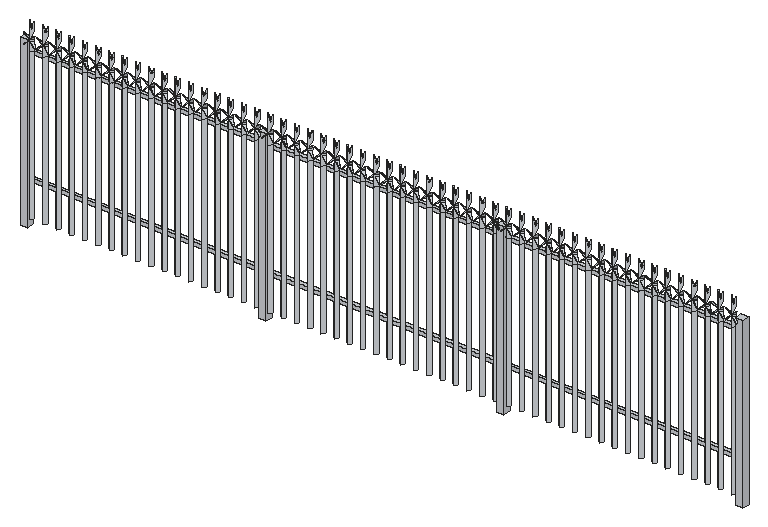
Revit family "Забор Теган-2700х2000", category Ограждение, Revit 2017
Family settings
  Номер OmniClass = 23.25.30.11.14.11
  Заголовок OmniClass = Columns
  Всегда вертикально = Да
  При загрузке вырезать с полостями = Нет
  Общий = Нет
Parameters (values of type "2700x2000")
  Производитель = "ООО \"Теган\""
  Левый_столб [instance] = yes
  Количество_секций [instance] = 3
  Глубина = 80 mm
  Ширина = 80 mm
Reference planes
  plane 1 "По центру (Вперед/Назад)": y = 0
  plane 2: z = 0
  plane 3 "По центру (Влево/Вправо)": x = 0
  plane 4 "Слева": x = -40
  plane 5 "Справа": x = 40
  plane 6 "Назад": y = 40
  plane 7 "Спереди": y = -40
Forms (mm)
  Extrusion 1, solid, visible <- "Левый_столб"
    sketch origin (0, 0, 0) x (1, 0, 0) y (0, 1, 0)
      loop
        line (-40, -40) -> (40, -40) -> (40, 40) -> (-40, 40) -> (-40, -40)
    from 0 to 1900
Dimensions and locks
  equal spacing: plane 4 "Слева", plane 3 "По центру (Влево/Вправо)", plane 5 "Справа"
  equal spacing: plane 7 "Спереди", plane 1 "По центру (Вперед/Назад)", plane 6 "Назад"
  "Ширина": plane 4 "Слева" to plane 5 "Справа"
  "Глубина": plane 7 "Спереди" to plane 6 "Назад"
  equal spacing: group 1, group 2, group 3  (x3)
  aligned and locked: level to plane 2
  aligned and locked: plane 7 "Спереди" to Extrusion 1 sketch curve
Automatic sketch dimensions
  Extrusion 1 sketch curve to plane 4 "Слева" = 0 mm
  Extrusion 1 sketch curve to plane 5 "Справа" = 0 mm
  plane 6 "Назад" to Extrusion 1 sketch curve = 0 mm
Nested families
  nested 1: "Секция Теган-2700х2000" at (0, 0, 0), type "2700x2000"
    with Правый_столб yes, Левый_столб no
  nested 2: "Секция Теган-2700х2000" at (2700, 0, 0), type "2700x2000"
    with Правый_столб yes, Левый_столб no
  nested 3: "Секция Теган-2700х2000" at (5400, 0, 0), type "2700x2000"
    with Правый_столб yes, Левый_столб no
Definition of nested family "Секция Теган-2700х2000"
  Parameters (values of type "2700x2000")
    Правый_столб [instance] = yes
    Отметка_перекладины = Длина_стоек - 200 mm  # 1800 mm
    Левый_столб [instance] = no
    Количество_стоек = (Длина секции - 75 mm) / 150 mm  # 18
    Зазор = 100 mm
    Длина секции = 2700 mm
    Длина поперечины = 2 * 40 mm - Длина секции  # -2620 mm
    Глубина = 80 mm
    Ширина = 80 mm
    Длина_стоек = 2000 mm
    Высота_столба = Длина_стоек - 100 mm  # 1900 mm
    Высота_забора = Длина_стоек + 100 mm  # 2100 mm
  Reference planes
    plane 1 "По центру (Вперед/Назад)": y = 0
    plane 2: z = 0
    plane 3 "По центру (Влево/Вправо)": x = 0
    plane 4 "Слева": x = -40
    plane 5 "Справа": x = 40
    plane 6 "Назад": y = 40
    plane 7 "Спереди": y = -40
    plane 8: x = 2700
    plane 9 "Поперечина нижняя": z = 500
    plane 10: z = 1800
    plane 11: x = 75
    plane 12: z = 100
  Forms (mm)
    Extrusion 1, solid, visible <- "Левый_столб"
      sketch origin (0, 0, 0) x (1, 0, 0) y (0, 1, 0)
        loop
          line (-40, -40) -> (40, -40) -> (40, 40) -> (-40, 40) -> (-40, -40)
      from 0 to 1900 <- "Высота_столба"
    Extrusion 2, solid
      sketch origin (40, 0, 0) x (0, -1, 0) y (0, 0, 1)
        loop
          line (-20, 500) -> (-20, 497.5) -> (17.5, 497.5) -> (17.5, 460) -> (20, 460) -> (20, 500) -> (-20, 500)
      from 0 to -2620 <- "Длина поперечины"
    Extrusion 3, solid
      sketch origin (40, 0, 800) x (0, -1, 0) y (0, 0, 1)
        loop
          line (-20, 1000) -> (-20, 997.5) -> (17.5, 997.5) -> (17.5, 960) -> (20, 960) -> (20, 1000) -> (-20, 1000)
      from 0 to -2620 <- "Длина поперечины"
  Dimensions and locks
    equal spacing: plane 4 "Слева", plane 3 "По центру (Влево/Вправо)", plane 5 "Справа"
    equal spacing: plane 7 "Спереди", plane 1 "По центру (Вперед/Назад)", plane 6 "Назад"
    "Ширина": plane 4 "Слева" to plane 5 "Справа"
    "Глубина": plane 7 "Спереди" to plane 6 "Назад"
    "Длина секции": plane 8 to plane 3 "По центру (Влево/Вправо)"
    plane 2 to plane 9 "Поперечина нижняя" = 500 mm
    "Отметка_перекладины": plane 10 to level
    "Зазор": plane 12 to level
    aligned and locked: level to plane 2
    aligned and locked: plane 7 "Спереди" to Extrusion 1 sketch curve
    aligned and locked: plane 8 to nested 1
  Automatic sketch dimensions
    Extrusion 1 sketch curve to plane 4 "Слева" = 0 mm
    Extrusion 1 sketch curve to plane 5 "Справа" = 0 mm
    plane 6 "Назад" to Extrusion 1 sketch curve = 0 mm
    Extrusion 2 sketch curve to plane 9 "Поперечина нижняя" = 0 mm
    Extrusion 2 sketch curve to plane 1 "По центру (Вперед/Назад)" = 20 mm
    plane 1 "По центру (Вперед/Назад)" to Extrusion 2 sketch curve = 17.5 mm
    Extrusion 2 sketch curve to Extrusion 2 sketch curve = 2.5 mm
    Extrusion 2 sketch curve to plane 9 "Поперечина нижняя" = 2.5 mm
    Extrusion 2 sketch curve to Extrusion 2 sketch curve = 37.5 mm
    Extrusion 3 sketch curve to plane 10 = 0 mm
    plane 1 "По центру (Вперед/Назад)" to Extrusion 3 sketch curve = 17.5 mm
    Extrusion 3 sketch curve to Extrusion 3 sketch curve = 2.5 mm
    Extrusion 3 sketch curve to Extrusion 3 sketch curve = 37.5 mm
    Extrusion 3 sketch curve to plane 10 = 2.5 mm
    Extrusion 3 sketch curve to plane 1 "По центру (Вперед/Назад)" = 20 mm
  Nested families
    nested 1: "Стойка забора" at (2700, 0, 0), visible <- "Правый_столб", type "Столб забора"
      with Высота_стоек 1900 mm
    nested 2: "Стойка вертикальная" at (75, -20, 0), type "Стойка вертикальная"
      with Длина- 1800 mm, Длина стойки вертикальной 2100 mm
    nested 3: "Стойка вертикальная" at (225, -20, 0), type "Стойка вертикальная"
      with Длина- 1800 mm, Длина стойки вертикальной 2100 mm
    nested 4: "Стойка вертикальная" at (375, -20, 0), type "Стойка вертикальная"
      with Длина- 1800 mm, Длина стойки вертикальной 2100 mm
    nested 5: "Стойка вертикальная" at (525, -20, 0), type "Стойка вертикальная"
      with Длина- 1800 mm, Длина стойки вертикальной 2100 mm
    nested 6: "Стойка вертикальная" at (675, -20, 0), type "Стойка вертикальная"
      with Длина- 1800 mm, Длина стойки вертикальной 2100 mm
    nested 7: "Стойка вертикальная" at (825, -20, 0), type "Стойка вертикальная"
      with Длина- 1800 mm, Длина стойки вертикальной 2100 mm
    nested 8: "Стойка вертикальная" at (975, -20, 0), type "Стойка вертикальная"
      with Длина- 1800 mm, Длина стойки вертикальной 2100 mm
    nested 9: "Стойка вертикальная" at (1125, -20, 0), type "Стойка вертикальная"
      with Длина- 1800 mm, Длина стойки вертикальной 2100 mm
    nested 10: "Стойка вертикальная" at (1275, -20, 0), type "Стойка вертикальная"
      with Длина- 1800 mm, Длина стойки вертикальной 2100 mm
    nested 11: "Стойка вертикальная" at (1425, -20, 0), type "Стойка вертикальная"
      with Длина- 1800 mm, Длина стойки вертикальной 2100 mm
    nested 12: "Стойка вертикальная" at (1575, -20, 0), type "Стойка вертикальная"
      with Длина- 1800 mm, Длина стойки вертикальной 2100 mm
    nested 13: "Стойка вертикальная" at (1725, -20, 0), type "Стойка вертикальная"
      with Длина- 1800 mm, Длина стойки вертикальной 2100 mm
    nested 14: "Стойка вертикальная" at (1875, -20, 0), type "Стойка вертикальная"
      with Длина- 1800 mm, Длина стойки вертикальной 2100 mm
    nested 15: "Стойка вертикальная" at (2025, -20, 0), type "Стойка вертикальная"
      with Длина- 1800 mm, Длина стойки вертикальной 2100 mm
    nested 16: "Стойка вертикальная" at (2175, -20, 0), type "Стойка вертикальная"
      with Длина- 1800 mm, Длина стойки вертикальной 2100 mm
    nested 17: "Стойка вертикальная" at (2325, -20, 0), type "Стойка вертикальная"
      with Длина- 1800 mm, Длина стойки вертикальной 2100 mm
    nested 18: "Стойка вертикальная" at (2475, -20, 0), type "Стойка вертикальная"
      with Длина- 1800 mm, Длина стойки вертикальной 2100 mm
    nested 19: "Стойка вертикальная" at (2625, -20, 0), type "Стойка вертикальная"
      with Длина- 1800 mm, Длина стойки вертикальной 2100 mm
  Definition of nested family "Стойка забора"
    Parameters (values of type "Стойка забора")
      Глубина = 80 mm
      Ширина = 80 mm
      Высота_стоек = 1800 mm
    Reference planes
      plane 1 "По центру (Вперед/Назад)": y = 0
      plane 2: z = 0
      plane 3 "По центру (Влево/Вправо)": x = 0
      plane 4 "Слева": x = -40
      plane 5 "Справа": x = 40
      plane 6 "Назад": y = 40
      plane 7 "Спереди": y = -40
    Forms (mm)
      Extrusion 1, solid
        sketch origin (0, 0, 0) x (1, 0, 0) y (0, 1, 0)
          loop
            line (-40, -40) -> (40, -40) -> (40, 40) -> (-40, 40) -> (-40, -40)
        from 0 to 1800 <- "Высота_стоек"
    Dimensions and locks
      equal spacing: plane 4 "Слева", plane 3 "По центру (Влево/Вправо)", plane 5 "Справа"
      equal spacing: plane 7 "Спереди", plane 1 "По центру (Вперед/Назад)", plane 6 "Назад"
      "Ширина": plane 4 "Слева" to plane 5 "Справа"
      "Глубина": plane 7 "Спереди" to plane 6 "Назад"
      aligned and locked: level to plane 2
      aligned and locked: plane 7 "Спереди" to Extrusion 1 sketch curve
    Automatic sketch dimensions
      Extrusion 1 sketch curve to plane 4 "Слева" = 0 mm
      plane 5 "Справа" to Extrusion 1 sketch curve = 0 mm
      plane 6 "Назад" to Extrusion 1 sketch curve = 0 mm
  Definition of nested family "Стойка вертикальная"
    Parameters (values of type "0,67 м")
      Длина- = Длина стойки вертикальной - 300 mm  # 370 mm
      Длина стойки вертикальной = 670 mm
    Types (5, lengths in mm): name | Длина- | Длина стойки вертикальной
      (no name) | 370 | 670
      2,0 м | 1700 | 2000
      2,5 м | 2200 | 2500
      3,0 м | 2700 | 3000
      0,67 м | 370 | 670
    Reference planes
      plane 1 "По центру (Вперед/Назад)": y = 0
      plane 2: z = 0
      plane 3 "По центру (Влево/Вправо)": x = 0
      plane 4: z = 370
    Forms (mm)
      Extrusion 1, solid
        sketch origin (-73.001, 0, 0) x (1, 0, 0) y (0, 1, 0)
          loop
            line (73.001, -25.456) -> (47.545, 0) -> (46.131, -1.414) -> (73.001, -28.284) -> (99.871, -1.414) -> (98.457, 0) -> (73.001, -25.456)
        from 0 to 370 <- "Длина-"
      Extrusion 2, solid, not visible
        sketch origin (1.999, 0, 0) x (1, 0, 0) y (0, 1, 0)
          loop
            line (73.001, -25.456) -> (47.545, 0) -> (46.131, -1.414) -> (73.001, -28.284) -> (73.001, -25.456)
        from 630 to 930
      Extrusion 3, void, not visible
        sketch origin (48.13, -1.414, 0) x (0.707107, -0.707107, 0) y (0, 0, 1)
          loop
            line (36, 755) -> (-4, 840.78) -> (-4, 755) -> (36, 755)
          loop
            line (0, 930) -> (18, 862.823) -> (36, 930) -> (0, 930)
          loop
            line (36, 739.666) -> (-4, 739.666) -> (-4, 653.886) -> (36, 739.666)
        from -4.106 to 6.753
      Extrusion 4, solid, not visible
        sketch origin (49.544, 0, 25) x (-0.707107, -0.707107, 0) y (0, 0, 1)
          loop
            line (0, 730) -> (1.385, 728.615) -> (54.418, 781.648) -> (53.033, 783.033) -> (0, 730)
        from -36 to 0
      Extrusion 5, void, not visible
        sketch origin (49.544, 0, 755) x (-0.5, -0.5, 0.707107) y (0.707107, -0.707107, 0)
          loop
            line (75, 0) -> (76.432, 43.261) -> (0, 36) -> (75, 0)
        from -6.189 to 1.489
      Extrusion 6, solid, not visible
        sketch origin (49.544, 0, 1469.666) x (-0.707107, -0.707107, 0) y (0, 0, 1)
          loop
            line (0, -730) -> (53.033, -783.033) -> (54.418, -781.648) -> (1.385, -728.615) -> (0, -730)
        from -36 to 0
      Extrusion 7, void, not visible
        sketch origin (49.544, 0, 739.666) x (-0.5, -0.5, -0.707107) y (-0.707107, 0.707107, 0)
          loop
            line (75, 0) -> (0, -36) -> (76.432, -43.261) -> (75, 0)
        from -6.189 to 1.489
      Extrusion 8, solid, not visible
        sketch origin (148.001, 0, 0) x (-1, 0, 0) y (0, -1, 0)
          loop
            line (73.001, 25.456) -> (73.001, 28.284) -> (46.131, 1.414) -> (47.545, 0) -> (73.001, 25.456)
        from 630 to 930
      Extrusion 9, void, not visible
        sketch origin (101.87, -1.414, 0) x (-0.707107, -0.707107, 0) y (0, 0, -1)
          loop
            line (0, -930) -> (36, -930) -> (18, -862.823) -> (0, -930)
          loop
            line (36, -755) -> (-4, -755) -> (-4, -840.78) -> (36, -755)
          loop
            line (0, -664.464) -> (0, -739.666) -> (35.067, -739.666) -> (0, -664.464)
        from -2 to 0
      Extrusion 10, solid, not visible
        sketch origin (100.456, 0, 25) x (0.707107, -0.707107, 0) y (0, 0, -1)
          loop
            line (0, -730) -> (53.033, -783.033) -> (54.418, -781.648) -> (1.385, -728.615) -> (0, -730)
        from -36 to 0
      Extrusion 11, void, not visible
        sketch origin (100.456, 0, 755) x (0.5, -0.5, 0.707107) y (0.707107, 0.707107, 0)
          loop
            line (75, 0) -> (0, -36) -> (76.432, -43.261) -> (75, 0)
        from -6.189 to 1.489
      Extrusion 12, solid, not visible
        sketch origin (100.456, 0, 1469.666) x (0.707107, -0.707107, 0) y (0, 0, -1)
          loop
            line (0, 730) -> (1.385, 728.615) -> (54.418, 781.648) -> (53.033, 783.033) -> (0, 730)
        from -36 to 0
      Extrusion 13, void, not visible
        sketch origin (100.456, 0, 739.666) x (0.5, -0.5, -0.707107) y (-0.707107, -0.707107, 0)
          loop
            line (75, 0) -> (76.432, 43.261) -> (0, 36) -> (75, 0)
        from -6.189 to 1.489
      Extrusion 14, solid
        sketch origin (26.87, -1.414, -260) x (-0.707107, -0.707107, 0) y (0, 0, -1)
          loop
            line (36, -930) -> (38, -930) -> (38, -630) -> (0, -630) -> (0, -664.464) -> (35.067, -739.666) -> (0, -739.666) -> (0, -755) -> (36, -755) -> (0, -832.202) -> (0, -930) -> (18, -862.823) -> (36, -930)
        from -2 to 0
      Extrusion 15, void
        sketch origin (26.87, -1.414, 670) x (0.707107, -0.707107, 0) y (-0.707107, -0.707107, 0)
          loop
            line (0, 38) -> (-2, 38) -> (-2, 36) -> (0, 38)
        from 0 to 300
      Extrusion 16, solid
        sketch origin (25.456, 0, 495) x (0.5, -0.5, 0.707107) y (0.707107, 0.707107, 0)
          loop
            line (75, 0) -> (0, 0) -> (0, -36) -> (75, 0)
        from -1.959 to 0
      Extrusion 17, solid
        sketch origin (25.456, 0, 479.666) x (0.5, -0.5, -0.707107) y (-0.707107, -0.707107, 0)
          loop
            line (75, 0) -> (0, 36) -> (0, 0) -> (75, 0)
        from -1.959 to 0
      Extrusion 18, solid
        sketch origin (-26.87, -1.414, -260) x (0.707107, -0.707107, 0) y (0, 0, 1)
          loop
            line (36, 930) -> (18, 862.823) -> (0, 930) -> (0, 832.202) -> (36, 755) -> (0, 755) -> (0, 739.666) -> (35.067, 739.666) -> (0, 664.464) -> (0, 630) -> (38, 630) -> (38, 930) -> (36, 930)
        from -2 to 0
      Extrusion 19, solid
        sketch origin (-25.456, 0, 495) x (-0.5, -0.5, 0.707107) y (0.707107, -0.707107, 0)
          loop
            line (75, 0) -> (0, 36) -> (0, 0) -> (75, 0)
        from -1.959 to 0
      Extrusion 20, solid
        sketch origin (-25.456, 0, 479.666) x (-0.5, -0.5, -0.707107) y (-0.707107, 0.707107, 0)
          loop
            line (75, 0) -> (0, 0) -> (0, -36) -> (75, 0)
        from -1.959 to 0
      Extrusion 21, solid, not visible
        sketch origin (101.87, -1.414, 0) x (-0.707107, -0.707107, 0) y (0, 0, -1)
          loop
            line (36, -930) -> (38, -930) -> (38, -630) -> (0, -630) -> (0, -664.464) -> (35.067, -739.666) -> (0, -739.666) -> (0, -755) -> (36, -755) -> (0, -832.202) -> (0, -930) -> (18, -862.823) -> (36, -930)
        from -2 to 0
      Extrusion 22, void, not visible
        sketch origin (101.87, -1.414, 930) x (0.707107, -0.707107, 0) y (-0.707107, -0.707107, 0)
          loop
            line (0, 38) -> (-2, 38) -> (-2, 36) -> (0, 38)
        from 0 to 300
      Extrusion 23, solid, not visible
        sketch origin (100.456, 0, 755) x (0.5, -0.5, 0.707107) y (0.707107, 0.707107, 0)
          loop
            line (75, 0) -> (0, 0) -> (0, -36) -> (75, 0)
        from -1.959 to 0
      Extrusion 24, solid, not visible
        sketch origin (100.456, 0, 739.666) x (0.5, -0.5, -0.707107) y (-0.707107, -0.707107, 0)
          loop
            line (75, 0) -> (0, 36) -> (0, 0) -> (75, 0)
        from -1.959 to 0
      Extrusion 25, solid, not visible
        sketch origin (48.13, -1.414, 0) x (0.707107, -0.707107, 0) y (0, 0, 1)
          loop
            line (36, 930) -> (18, 862.823) -> (0, 930) -> (0, 832.202) -> (36, 755) -> (0, 755) -> (0, 739.666) -> (35.067, 739.666) -> (0, 664.464) -> (0, 630) -> (38, 630) -> (38, 930) -> (36, 930)
        from -2 to 0
      Extrusion 26, solid, not visible
        sketch origin (49.544, 0, 755) x (-0.5, -0.5, 0.707107) y (0.707107, -0.707107, 0)
          loop
            line (75, 0) -> (0, 36) -> (0, 0) -> (75, 0)
        from -1.959 to 0
      Extrusion 27, solid, not visible
        sketch origin (49.544, 0, 739.666) x (-0.5, -0.5, -0.707107) y (-0.707107, 0.707107, 0)
          loop
            line (75, 0) -> (0, 0) -> (0, -36) -> (75, 0)
        from -1.959 to 0
    Cuts and joins
      Extrusion 15 cuts Extrusion 14
    Dimensions and locks
      "Длина-": plane 4 to plane 2
      aligned and locked: Extrusion 1 to level
      aligned and locked: Extrusion 14 to Extrusion 15
      aligned and locked: Extrusion 21 to Extrusion 22
      aligned and locked: plane 4 to Extrusion 18
    Automatic sketch dimensions
      plane 1 "По центру (Вперед/Назад)" to Extrusion 1 sketch curve = 0 mm  (x2)
      Extrusion 1 sketch curve to plane 3 "По центру (Влево/Вправо)" = 0 mm  (x2)
      Extrusion 1 sketch curve to plane 3 "По центру (Влево/Вправо)" = 25.456 mm
      plane 1 "По центру (Вперед/Назад)" to Extrusion 1 sketch curve = 1.414 mm
      Extrusion 1 sketch curve to Extrusion 1 sketch curve = 1.414 mm
